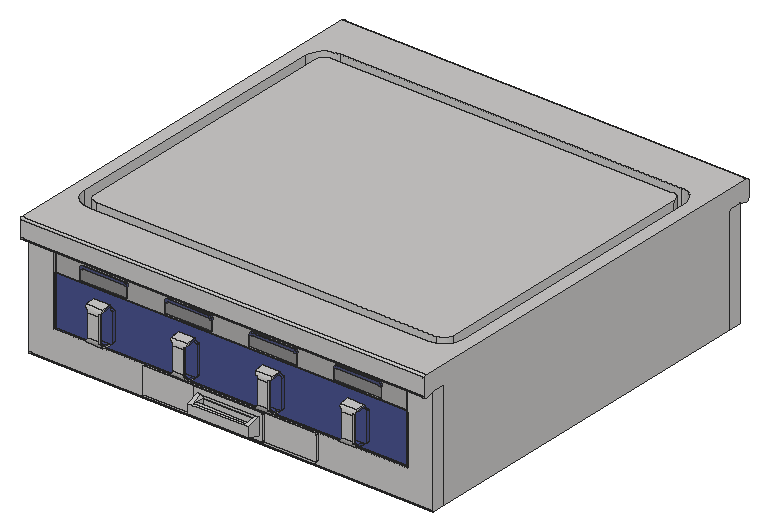
Revit family "QF_ELECTROLUXPROFESSIONAL_588324_MATCAAHOAO", category Specialty Equipment, Revit 2018
Family settings
  Round Connector Dimension = Use Diameter
  Part Type = Normal
  Work Plane-Based = No
  Always vertical = Yes
  Cut with Voids When Loaded = No
  Shared = No
  Room Calculation Point = No
Parameters
  Weight in Pounds = 253.532
  Watts = 12000 VA  # 12000 W
  Volts = 400 V  # constant formula
  URL Cutsheet = ""
  Type Mark [instance] = ""
  Status [instance] = ""
  Specification by User [instance] = ""
  Specification by Manufacturer = ""
  Show Clearance [instance] = yes
  Serial Number = ""
  Seismic Rating = ""
  SMACNA No = ""
  Revision Code [instance] = ""
  Phase = 3  # constant formula
  Omniclass Number and Title = ""
  Number of Poles [instance] = 1
  NAFEM Spec ID Number = ""
  Model = "588324"
  Min Ckt Ampacity = 0 A
  Max Overcurrent Protection = 0 A
  Masterspec = ""
  Manufacturer = "ELECTROLUX"
  Item Number [instance] = ""
  Installed By [instance] = ""
  Identify Quantity as Lot [instance] = yes
  HP = "16.1 HP"
  Furnished By [instance] = ""
  Foodservice Equipment Identifier [instance] = yes
  FL Amps [instance] = if(Phase = 3, Watts / (Volts * 1.73), Watts / Volts)  # 17.341 A
  Electrical Remarks = "400 V/3N ph/50/60 Hz"  # constant formula
  Electric Connection Type [instance] = ""
  Elec Conn RI Height [instance] = 0 mm
  Elec Conn Connection Height [instance] = 0 mm
  Direct Waste Size = 0"
  Description = "EL.FREE COOKING TOP,1-SIDE,800X800X250H"
  Cycle [instance] = if([60 Hertz Option], 60 Hz, 50 Hz)  # 60 Hz
  Conn Plug = ""
  Conn Conduit = yes
  CSI MasterFormat = ""
  CSI Master Format = ""
  Back Panel [instance] = yes
  Apparent Power [instance] = if(Phase = 3, Volts * FL Amps * 1.73, Volts * FL Amps)  # 12000 VA
  60 Hertz Option [instance] = not([50 Hertz Option])  # yes
  50 Hertz Option [instance] = no
Reference planes
  plane 1 "BACK": y = 0
  plane 2: z = 0
  plane 3 "LEFT": x = 0
  plane 4 "RIGHT": x = 800
  plane 5 "FRONT": y = -800
  plane 6 "TOP": z = 250
  plane 7: x = 400
  plane 8: y = -400
  plane 9: z = 582.185
  plane 10: y = -1230
  plane 11: x = 755
Forms (mm)
  Extrusion 1, solid, material "QF_Finishes_Stainless Steel"
    sketch origin (0, -487.128, 0) x (0, 1, 0) y (0, 0, 1)
      loop
        line (483.128, 250) -> (-308.872, 250)
        arc (-308.872, 250) -> (-311.7, 248.828) -> (-312.872, 246) r 4
        line (-312.872, 246) -> (-312.872, 214)
        arc (-312.872, 214) -> (-311.437, 210.931) -> (-308.161, 210.064) r 4
        line (-308.161, 210.064) -> (-292.872, 213) -> (-267.872, 213) -> (-267.872, 0) -> (441.128, 0) -> (441.128, 213) -> (465.765, 213) -> (482.433, 210.061)
        arc (482.433, 210.061) -> (485.699, 210.936) -> (487.128, 214) r 4
        line (487.128, 214) -> (487.128, 246)
        arc (487.128, 246) -> (485.956, 248.828) -> (483.128, 250) r 4
    from 0 to 800
  Extrusion 2, solid, material "QF_Finishes_Stainless Steel", visible <- "Back Panel"
    sketch origin (0, 0, 0) x (0, 1, 0) y (0, 0, 1)
      loop
        line (-46, 0) -> (-20, 0) -> (-20, 215)
        arc (-20, 215) -> (-20.586, 213.586) -> (-22, 213) r 2
        line (-22, 213) -> (-46, 213) -> (-46, 0)
    from 0 to 800
  Extrusion 3, void
    sketch origin (653.786, 44.048, 250) x (1, 0, 0) y (0, -1, 0)
      loop
        line (-590.636, 133.048) -> (83.064, 133.048)
        arc (83.064, 133.048) -> (110.04, 144.222) -> (121.214, 171.198) r 38.15
        line (121.214, 171.198) -> (121.214, 716.572)
        arc (121.214, 716.572) -> (109.944, 743.779) -> (82.737, 755.048) r 38.476
        line (82.737, 755.048) -> (-591.786, 755.048)
        arc (-591.786, 755.048) -> (-617.949, 744.211) -> (-628.786, 718.048) r 37
        line (-628.786, 718.048) -> (-628.786, 171.198)
        arc (-628.786, 171.198) -> (-617.613, 144.222) -> (-590.636, 133.048) r 38.15
    from 0 to 37
  Extrusion 4, solid, material "QF_Finishes_Stainless Steel"
    sketch origin (0, -655, 0) x (1, 0, 0) y (0, -1, 0)
      loop
        circle (755, -70) r 6.35
    from 0 to 3.2
  Extrusion 5, solid, material "QF_Door-Drawer Clearances", visible <- "Show Clearance", detail levels coarse
    sketch origin (437.31, -782.593, 8.62) x (0, 0, 1) y (-1, 0, 0)
      loop
        line (1.973, -134.295) -> (49.317, -134.295)
        arc (49.317, -134.295) -> (50.776, -133.691) -> (51.38, -132.232) r 2.063
        line (51.38, -132.232) -> (51.38, 206.852)
        arc (51.38, 206.852) -> (50.88, 208.549) -> (49.541, 209.705) r 3.133
        line (49.541, 209.705) -> (3.067, 209.705)
        arc (3.067, 209.705) -> (0.898, 208.807) -> (0, 206.638) r 3.067
        line (0, 206.638) -> (0, -132.322)
        arc (0, -132.322) -> (0.578, -133.717) -> (1.973, -134.295) r 1.973
    from 0 to 447.407
  Extrusion 6, solid, material "QF_Finishes_Stainless Steel"
    sketch origin (653.786, 44.048, 213) x (1, 0, 0) y (0, 1, 0)
      loop
        line (-608.786, -171.198) -> (-608.786, -716.898)
        arc (-608.786, -716.898) -> (-603.47, -729.732) -> (-590.636, -735.048) r 18.15
        line (-590.636, -735.048) -> (83.064, -735.048)
        arc (83.064, -735.048) -> (95.898, -729.732) -> (101.214, -716.898) r 18.15
        line (101.214, -716.898) -> (101.214, -171.198)
        arc (101.214, -171.198) -> (95.898, -158.364) -> (83.064, -153.048) r 18.15
        line (83.064, -153.048) -> (-590.636, -153.048)
        arc (-590.636, -153.048) -> (-603.47, -158.364) -> (-608.786, -171.198) r 18.15
    from 0 to 37
Cuts and joins
  Extrusion 3 cuts Extrusion 1
Lines and regions (mm)
  symbolic lines
    curve 1: line (25, -674, 0) -> (25, -127.15, 0)
    curve 2: arc (25, -127.15, 0) -> (36.174, -100.174, 0) -> (63.15, -89, 0) r 38.15
    curve 3: line (63.15, -89, 0) -> (736.85, -89, 0)
    curve 4: arc (736.85, -89, 0) -> (763.826, -100.174, 0) -> (775, -127.15, 0) r 38.15
    curve 5: line (775, -127.15, 0) -> (775, -672.524, 0)
    curve 6: arc (775, -672.524, 0) -> (763.731, -699.731, 0) -> (736.524, -711, 0) r 38.476
    curve 7: line (736.524, -711, 0) -> (62, -711, 0)
    curve 8: arc (62, -711, 0) -> (35.837, -700.163, 0) -> (25, -674, 0) r 37
    curve 9: line (0, 0, 0) -> (800, 0, 0)
    curve 10: line (0, -800, 0) -> (0, 0, 0)
    curve 11: line (800, -800, 0) -> (0, -800, 0)
    curve 12: line (800, 0, 0) -> (800, -800, 0)
  symbolic lines, style "QF_Door-Drawer Clearances"
    curve 13: line (571.605, -1230, 0) -> (571.605, -800, 0)
    curve 14: line (571.605, -1230, 0) -> (227.605, -1230, 0)
    curve 15: line (227.605, -1230, 0) -> (227.605, -800, 0)
  symbolic lines, style "SpecialityEquipment"
    curve 16: line (755, -672.85, 0) -> (755, -127.15, 0)
    curve 17: arc (755, -127.15, 0) -> (749.684, -114.316, 0) -> (736.85, -109, 0) r 18.15
    curve 18: line (736.85, -109, 0) -> (63.15, -109, 0)
    curve 19: arc (63.15, -109, 0) -> (50.316, -114.316, 0) -> (45, -127.15, 0) r 18.15
    curve 20: line (45, -127.15, 0) -> (45, -672.85, 0)
    curve 21: arc (45, -672.85, 0) -> (50.316, -685.684, 0) -> (63.15, -691, 0) r 18.15
    curve 22: line (63.15, -691, 0) -> (736.85, -691, 0)
    curve 23: arc (736.85, -691, 0) -> (749.684, -685.684, 0) -> (755, -672.85, 0) r 18.15
Dimensions and locks
  plane 3 "LEFT" to plane 4 "RIGHT" = 800 mm
  plane 5 "FRONT" to plane 1 "BACK" = 800 mm
  equal spacing: plane 3 "LEFT", plane 7, plane 4 "RIGHT"
  equal spacing: plane 5 "FRONT", plane 8, plane 1 "BACK"
  plane 6 "TOP" to level = 250 mm  (x2)
  plane 1 "BACK" to plane 5 "FRONT" = 800 mm
  Extrusion 4 sketch curve to plane 1 "BACK" = 585 mm
  Extrusion 4 sketch curve to plane 4 "RIGHT" = 45 mm
  plane 5 "FRONT" to plane 10 = 430 mm
  plane 1 "BACK" to Extrusion 4 = 585 mm
  locked: plane 11 to plane 4 "RIGHT" at 45
  aligned and locked: level to plane 2
  aligned and locked: plane 7 to nested 1
  aligned and locked: Extrusion 5 to plane 10
  aligned and locked: Extrusion 1 to plane 4 "RIGHT"
Automatic sketch dimensions
  Extrusion 2 sketch curve to Extrusion 2 sketch curve = 26 mm
  plane 1 "BACK" to Extrusion 2 sketch curve = 22 mm
  Extrusion 2 sketch curve to Extrusion 2 sketch curve = 2 mm
  level to Extrusion 2 sketch curve = 213 mm
  Extrusion 1 sketch curve to plane 5 "FRONT" = 0 mm
  Extrusion 1 sketch curve to plane 6 "TOP" = 0 mm
  Extrusion 1 sketch curve to level = 0 mm
  Extrusion 1 sketch curve to plane 1 "BACK" = 0 mm
  Extrusion 1 sketch curve to plane 6 "TOP" = 37 mm  (x2)
  Extrusion 1 sketch curve to plane 5 "FRONT" = 4 mm
  Extrusion 1 sketch curve to plane 5 "FRONT" = 20 mm
  Extrusion 1 sketch curve to plane 5 "FRONT" = 45 mm
  plane 1 "BACK" to Extrusion 1 sketch curve = 21.363 mm
  plane 1 "BACK" to Extrusion 1 sketch curve = 4 mm  (x2)
  Extrusion 1 sketch curve to Extrusion 1 sketch curve = 4 mm
  Extrusion 1 sketch curve to Extrusion 1 sketch curve = 0.711 mm
  plane 1 "BACK" to Extrusion 1 sketch curve = 4.695 mm
  Extrusion 1 sketch curve to Extrusion 1 sketch curve = 0 mm  (x2)
  Extrusion 1 sketch curve to Extrusion 1 sketch curve = 1 mm  (x2)
  plane 1 "BACK" to Extrusion 1 sketch curve = 46 mm
  Extrusion 5 sketch curve to nested 1 = 1.973 mm
  Extrusion 5 sketch curve to nested 1 = 2.853 mm
  Extrusion 5 sketch curve to nested 1 = 1.839 mm
  Extrusion 1 to Extrusion 3 sketch curve = 25 mm  (x2)
  Extrusion 1 to Extrusion 3 sketch curve = 85 mm
  Extrusion 3 sketch curve to Extrusion 3 sketch curve = 37 mm
  Extrusion 3 sketch curve to Extrusion 3 sketch curve = 38.15 mm
  Extrusion 1 to Extrusion 3 sketch curve = 63.476 mm
  Extrusion 1 to Extrusion 3 sketch curve = 63.15 mm
  Extrusion 1 to Extrusion 3 sketch curve = 123.15 mm
  Extrusion 6 sketch curve to Extrusion 3 = 20 mm  (x3)
  Extrusion 6 sketch curve to Extrusion 3 = 38.15 mm  (x5)
  curve 2 to curve 19 = 0 mm  (x2)
  curve 4 to curve 17 = 0 mm  (x2)
  curve 12 to plane 4 "RIGHT" = 0 mm
  curve 16 to plane 11 = 0 mm
  plane 10 to curve 13 = 0 mm
  curve 11 to plane 3 "LEFT" = 0 mm
  plane 1 "BACK" to curve 12 = 0 mm
  plane 5 "FRONT" to curve 11 = 0 mm
  curve 5 to plane 11 = 20 mm
  plane 11 to curve 18 = 18.15 mm
  plane 11 to curve 22 = 18.15 mm
  plane 11 to curve 7 = 18.476 mm
  plane 11 to curve 13 = 183.395 mm
  curve 15 to plane 7 = 172.395 mm
  plane 3 "LEFT" to curve 22 = 63.15 mm
  plane 3 "LEFT" to curve 18 = 63.15 mm
  curve 22 to curve 7 = 1.15 mm
  curve 8 to curve 20 = 17 mm
  plane 1 "BACK" to curve 3 = 89 mm
  curve 5 to plane 5 "FRONT" = 127.476 mm
  curve 20 to curve 8 = 1.15 mm
  Extrusion 2 sketch curve to level = 0 mm
  radius of Extrusion 4 sketch curve = 6.35 mm
  radius of Extrusion 5 sketch curve to nested 1 = 0 mm  (x2)
Nested families
  nested 1: "EG_800_1000_Four Front Panel with Center Grease Trap" at (202.376, -755, -650), type "EG_800_1000_Four Front Panel with Center Grease Trap"
Connectors
  electrical at (755, -585, -3.2), driven by "Volts", driven by "Watts"
    settings: on Extrusion 4, index 1, voltage 400 V, apparent load 12000 VA, apparent load phase1 0 VA, apparent load phase2 0 VA, apparent load phase3 0 VA, power factor 1, load classification "Other", number of poles 1, system type 30, power factor state 1, is connector primary yes, connector utility no, sub classification motor no, connector description "ELECTRICAL CONNECTION"
Definition of nested family "EG_800_1000_Four Front Panel with Center Grease Trap"
  Reference planes
    plane 1 "Center (Front/Back)": y = 0
    plane 2: z = 0
    plane 3 "Center (Left/Right)": x = 197.624
    plane 4: x = -202.376
    plane 5: x = 597.624
    plane 6: y = -45
  Forms (mm)
    Extrusion 1, solid
      sketch origin (833.217, 829.203, -1.25) x (0, 1, 0) y (0, 0, 1)
        loop
          arc (-854.203, 654.25) -> (-853.324, 652.129) -> (-851.203, 651.25) r 3
          line (-851.203, 651.25) -> (-829.203, 651.25) -> (-829.203, 864.25) -> (-854.203, 864.25) -> (-854.203, 654.25)
      from -1035.593 to -235.593
    Extrusion 2, void
      sketch origin (33.217, 829.203, -1.25) x (1, 0, 0) y (0, 0, 1)
        loop
          line (-185.593, 855.116) -> (-185.593, 713.116) -> (514.407, 713.116) -> (514.407, 855.116) -> (-185.593, 855.116)
      from 848.59 to 854.203
  Cuts and joins
    Extrusion 2 cuts Extrusion 1
  Dimensions and locks
    equal spacing: plane 5, plane 3 "Center (Left/Right)", plane 4
    plane 5 to plane 4 = 800 mm
    aligned and locked: cut or joined group of Extrusion 1, Extrusion 2 to plane 4
    aligned and locked: plane 5 to cut or joined group of Extrusion 1, Extrusion 2
    aligned and locked: plane 3 "Center (Left/Right)" to nested 2
    aligned and locked: cut or joined group of Extrusion 1, Extrusion 2 to nested 2
    aligned and locked: plane 3 "Center (Left/Right)" to nested 3
  Automatic sketch dimensions
    Extrusion 1 sketch curve to plane 1 "Center (Front/Back)" = 0 mm
    plane 1 "Center (Front/Back)" to Extrusion 1 sketch curve = 22 mm
    Extrusion 1 sketch curve to Extrusion 1 sketch curve = 3 mm
    level to Extrusion 1 sketch curve = 650 mm
    Extrusion 1 sketch curve to Extrusion 1 sketch curve = 210 mm
    plane 4 to Extrusion 2 sketch curve = 50 mm
    Extrusion 2 sketch curve to plane 5 = 50 mm
    level to Extrusion 2 sketch curve = 711.866 mm
    Extrusion 2 sketch curve to Extrusion 2 sketch curve = 142 mm
  Nested families
    nested 1: "Range Control Handle" at (-54.283, -28.137, -209.113) x (-1, 0, 0) z (0, 0, 1), type "Range Control Handle"
    nested 2: "glass conrol panel" at (197.624, 280.644, 2.752), type "glass conrol panel"
    nested 3: "grease trap door" at (265.223, -25, 0.608) x (-1, 0, 0) z (0, 0, 1), type "grease trap door"
    nested 4: "Range Control Handle" at (113.217, -28.137, -209.113) x (-1, 0, 0) z (0, 0, 1), type "Range Control Handle"
    nested 5: "Range Control Handle" at (280.717, -28.137, -209.113) x (-1, 0, 0) z (0, 0, 1), type "Range Control Handle"
    nested 6: "Range Control Handle" at (448.217, -28.137, -209.113) x (-1, 0, 0) z (0, 0, 1), type "Range Control Handle"
  Definition of nested family "Range Control Handle"
    Reference planes
      plane 1 "Center (Front/Back)": y = 0
      plane 2: z = 0
      plane 3 "Center (Left/Right)": x = 0
      plane 4: z = 971.092
      plane 5: y = -16.9
    Forms (mm)
      Extrusion 1, solid
        sketch origin (-746.28, 380.497, 208.931) x (-1, 0, 0) y (0, 0, 1)
          loop
            line (-770.101, 786.798) -> (-770.101, 731.649)
            arc (-770.101, 731.649) -> (-769.759, 730.563) -> (-768.855, 729.87) r 1.893
            line (-768.855, 729.87) -> (-763.474, 727.911) -> (-729.81, 727.911) -> (-724.428, 729.87)
            arc (-724.428, 729.87) -> (-723.525, 730.563) -> (-723.183, 731.649) r 1.893
            line (-723.183, 731.649) -> (-723.183, 786.798)
            arc (-723.183, 786.798) -> (-723.529, 787.894) -> (-724.44, 788.593) r 1.91
            line (-724.44, 788.593) -> (-729.683, 790.819) -> (-763.601, 790.819) -> (-768.844, 788.593)
            arc (-768.844, 788.593) -> (-769.755, 787.894) -> (-770.101, 786.798) r 1.91
        from -382.35 to -378.852
      Sweep 2, solid
        path origin (-746.788, 380.496, 208.091) x (0, -1, 0) y (0, 0, 1)
          loop
            line (379.775, 793.281) -> (395.661, 791.048)
            arc (395.661, 791.048) -> (397.781, 787.377) -> (398.517, 783.202) r 12.207
            line (398.517, 783.202) -> (398.517, 737.368)
            arc (398.517, 737.368) -> (397.781, 733.193) -> (395.661, 729.522) r 12.207
            line (395.661, 729.522) -> (379.775, 727.289)
        profile origin (-746.788, -7.222, 1000.256) x (0, -0.139173, 0.990268) y (-1, 0, 0)
          loop
            line (0.782, -763.123) -> (0.782, -730.907) -> (-1.322, -730.907) -> (-1.322, -763.123) -> (0.782, -763.123)
      Sweep 3, solid
        path origin (-746.788, 380.715, 207.832) x (0, -1, 0) y (0, 0, 1)
          loop
            line (380.478, 795.442) -> (397.218, 793.09)
            arc (397.218, 793.09) -> (399.929, 788.473) -> (400.871, 783.202) r 15.207
            line (400.871, 783.202) -> (400.871, 737.584)
            arc (400.871, 737.584) -> (399.914, 732.274) -> (397.164, 727.633) r 15.207
            line (397.164, 727.633) -> (380.601, 725.305)
        profile origin (-746.788, -8.132, 1002.099) x (0, -0.139173, 0.990268) y (-1, 0, 0)
          loop
            line (0.782, -763.123) -> (0.782, -730.907) -> (-1.322, -730.907) -> (-1.322, -763.123) -> (0.782, -763.123)
      Extrusion 4, void
        sketch origin (889.253, 220.666, 207.993) x (1, 0, 0) y (0, 0, 1)
          loop
            line (-943.038, 816.854) -> (-943.038, 703.686) -> (-899.466, 734.196) -> (-899.466, 786.344) -> (-943.038, 816.854)
        from 230.636 to 242.25
      Extrusion 5, void
        sketch origin (-888.8, 220.666, 207.993) x (-1, 0, 0) y (0, 0, -1)
          loop
            line (-943.038, -816.854) -> (-899.466, -786.344) -> (-899.466, -734.196) -> (-943.038, -703.686) -> (-943.038, -816.854)
        from 230.636 to 242.25
      Extrusion 6, solid
        sketch origin (0, 0, 0) x (1, 0, 0) y (0, 0, 1)
          loop
            circle (0, 971.092) r 7.736
        from -3.137 to -1.645
    Cuts and joins
      Extrusion 4, Extrusion 5 cuts Sweep 3
      Extrusion 4, Extrusion 5 cuts Sweep 2
      joined: Extrusion 1, Extrusion 6
    Lines and regions (mm)
      symbolic lines
        curve 1: line (16.334, -16.9, 0) -> (16.334, -19.227, 0)
        curve 2: spline (16.334, -19.227, 0) -> (15.87, -19.385, 0) -> (15.404, -19.536, 0) -> (14.936, -19.678, 0) -> (14.466, -19.813, 0) -> (13.995, -19.94, 0) -> (13.523, -20.059, 0) -> (13.049, -20.171, 0) -> (12.575, -20.274, 0) -> (12.099, -20.37, 0) -> (11.622, -20.458, 0) -> (11.144, -20.537, 0) -> (10.666, -20.609, 0)
        curve 3: line (10.666, -16.9, 0) -> (10.666, -20.938, 0)
        curve 4: line (-10.213, -20.938, 0) -> (10.666, -20.938, 0)
        curve 5: line (-10.213, -20.938, 0) -> (-10.213, -16.9, 0)
        curve 6: spline (-10.213, -20.609, 0) -> (-10.691, -20.537, 0) -> (-11.169, -20.458, 0) -> (-11.646, -20.37, 0) -> (-12.122, -20.274, 0) -> (-12.597, -20.171, 0) -> (-13.07, -20.059, 0) -> (-13.542, -19.94, 0) -> (-14.013, -19.813, 0) -> (-14.483, -19.678, 0) -> (-14.951, -19.536, 0) -> (-15.417, -19.385, 0) -> (-15.881, -19.227, 0)
        curve 7: line (-15.881, -19.227, 0) -> (-15.881, -16.9, 0)
  Definition of nested family "glass conrol panel"
    Reference planes
      plane 1 "Center (Front/Back)": y = 0
      plane 2: z = 0
      plane 3 "Center (Left/Right)": x = 0
    Forms (mm)
      Extrusion 1, solid
        sketch origin (378.286, 0, 0.617) x (1, 0, 0) y (0, 0, 1)
          loop
            line (-728.286, 806.791) -> (-728.286, 708.497) -> (-28.286, 708.497) -> (-28.286, 806.791) -> (-728.286, 806.791)
        from 300.031 to 304.8
      Extrusion 2, solid
        sketch origin (378.286, 0, 0.617) x (1, 0, 0) y (0, 0, 1)
          loop
            line (-728.286, 850.497) -> (-728.286, 806.791) -> (-28.286, 806.791) -> (-28.286, 850.497) -> (-728.286, 850.497)
        from 300.031 to 304.8
      Extrusion 3, void
        sketch origin (378.286, 0, 0.617) x (1, 0, 0) y (0, 0, 1)
          loop
            line (-725.628, 847.565) -> (-725.628, 710.699) -> (-31.196, 710.699) -> (-31.196, 847.565) -> (-725.628, 847.565)
        from 303.697 to 304.8
      Extrusion 4, solid
        sketch origin (-392.059, 1.101, -0.633) x (-1, 0, 0) y (0, 0, -1)
          loop
            line (-261.431, -812.62) -> (-355.186, -812.62) -> (-355.186, -834.177) -> (-350.269, -834.177) -> (-348.469, -835.977) -> (-268.039, -835.977) -> (-266.24, -834.177) -> (-261.431, -834.177) -> (-261.431, -812.62)
        from 304.798 to 306.745
      Extrusion 5, solid
        sketch origin (-392.059, 1.101, -0.633) x (-1, 0, 0) y (0, 0, -1)
          loop
            line (-350.269, -834.177) -> (-355.078, -834.177)
            arc (-355.078, -834.177) -> (-353.942, -838.747) -> (-349.686, -840.763) r 5.5
            line (-349.686, -840.763) -> (-266.98, -840.763)
            arc (-266.98, -840.763) -> (-262.706, -838.752) -> (-261.529, -834.177) r 5.549
            line (-261.529, -834.177) -> (-266.24, -834.177) -> (-268.039, -835.977) -> (-348.469, -835.977) -> (-350.269, -834.177)
        from 304.798 to 306.745
      Extrusion 6, solid
        sketch origin (392.059, 1.101, -0.633) x (1, 0, 0) y (0, 0, 1)
          loop
            line (-261.431, 812.62) -> (-261.431, 834.177) -> (-266.24, 834.177) -> (-268.039, 835.977) -> (-348.469, 835.977) -> (-350.269, 834.177) -> (-355.186, 834.177) -> (-355.186, 812.62) -> (-261.431, 812.62)
        from 304.798 to 306.745
      Extrusion 7, solid
        sketch origin (392.059, 1.101, -0.633) x (1, 0, 0) y (0, 0, 1)
          loop
            line (-350.269, 834.177) -> (-348.469, 835.977) -> (-268.039, 835.977) -> (-266.24, 834.177) -> (-261.529, 834.177)
            arc (-261.529, 834.177) -> (-262.706, 838.752) -> (-266.98, 840.763) r 5.549
            line (-266.98, 840.763) -> (-349.686, 840.763)
            arc (-349.686, 840.763) -> (-353.942, 838.747) -> (-355.078, 834.177) r 5.5
            line (-355.078, 834.177) -> (-350.269, 834.177)
        from 304.798 to 306.745
      Extrusion 8, solid
        sketch origin (-559.559, 1.101, -0.633) x (-1, 0, 0) y (0, 0, -1)
          loop
            line (-261.431, -812.62) -> (-355.186, -812.62) -> (-355.186, -834.177) -> (-350.269, -834.177) -> (-348.469, -835.977) -> (-268.039, -835.977) -> (-266.24, -834.177) -> (-261.431, -834.177) -> (-261.431, -812.62)
        from 304.798 to 306.745
      Extrusion 9, solid
        sketch origin (-559.559, 1.101, -0.633) x (-1, 0, 0) y (0, 0, -1)
          loop
            line (-350.269, -834.177) -> (-355.078, -834.177)
            arc (-355.078, -834.177) -> (-353.942, -838.747) -> (-349.686, -840.763) r 5.5
            line (-349.686, -840.763) -> (-266.98, -840.763)
            arc (-266.98, -840.763) -> (-262.706, -838.752) -> (-261.529, -834.177) r 5.549
            line (-261.529, -834.177) -> (-266.24, -834.177) -> (-268.039, -835.977) -> (-348.469, -835.977) -> (-350.269, -834.177)
        from 304.798 to 306.745
      Extrusion 10, solid
        sketch origin (559.559, 1.101, -0.633) x (1, 0, 0) y (0, 0, 1)
          loop
            line (-261.431, 812.62) -> (-261.431, 834.177) -> (-266.24, 834.177) -> (-268.039, 835.977) -> (-348.469, 835.977) -> (-350.269, 834.177) -> (-355.186, 834.177) -> (-355.186, 812.62) -> (-261.431, 812.62)
        from 304.798 to 306.745
      Extrusion 11, solid
        sketch origin (559.559, 1.101, -0.633) x (1, 0, 0) y (0, 0, 1)
          loop
            line (-350.269, 834.177) -> (-348.469, 835.977) -> (-268.039, 835.977) -> (-266.24, 834.177) -> (-261.529, 834.177)
            arc (-261.529, 834.177) -> (-262.706, 838.752) -> (-266.98, 840.763) r 5.549
            line (-266.98, 840.763) -> (-349.686, 840.763)
            arc (-349.686, 840.763) -> (-353.942, 838.747) -> (-355.078, 834.177) r 5.5
            line (-355.078, 834.177) -> (-350.269, 834.177)
        from 304.798 to 306.745
    Cuts and joins
      Extrusion 3 cuts Extrusion 1
      Extrusion 3 cuts Extrusion 2
    Dimensions and locks
      aligned and locked: Extrusion 1 to Extrusion 2
      aligned and locked: Extrusion 5 sketch curve to Extrusion 4  (x5)
      aligned and locked: Extrusion 5 to Extrusion 4
      aligned and locked: Extrusion 7 sketch curve to Extrusion 6  (x4)
      aligned and locked: Extrusion 6 to Extrusion 7 sketch curve
      aligned and locked: Extrusion 7 to Extrusion 6
      aligned and locked: Extrusion 9 sketch curve to Extrusion 8  (x5)
      aligned and locked: Extrusion 9 to Extrusion 8
      aligned and locked: Extrusion 11 sketch curve to Extrusion 10  (x4)
      aligned and locked: Extrusion 10 to Extrusion 11 sketch curve
      aligned and locked: Extrusion 11 to Extrusion 10
  Definition of nested family "grease trap door"
    Reference planes
      plane 1 "Center (Front/Back)": y = 0
      plane 2: z = 0
      plane 3 "Center (Left/Right)": x = 0
      plane 4: y = -20
    Forms (mm)
      Extrusion 1, solid
        sketch origin (1627.55, 854.203, -1.25) x (1, 0, 0) y (0, 0, 1)
          loop
            arc (-1627.55, 661.235) -> (-1626.972, 659.84) -> (-1625.577, 659.262) r 1.973
            line (-1625.577, 659.262) -> (-1494.325, 659.262)
            arc (-1494.325, 659.262) -> (-1492.156, 660.16) -> (-1491.258, 662.329) r 3.067
            line (-1491.258, 662.329) -> (-1491.258, 708.803)
            arc (-1491.258, 708.803) -> (-1492.414, 710.143) -> (-1494.111, 710.642) r 3.133
            line (-1494.111, 710.642) -> (-1625.486, 710.642)
            arc (-1625.486, 710.642) -> (-1626.945, 710.038) -> (-1627.55, 708.579) r 2.063
            line (-1627.55, 708.579) -> (-1627.55, 661.235)
        from 856.795 to 859.203
      Extrusion 2, solid
        sketch origin (445.874, 2476.61, 0) x (0, 1, 0) y (0, 0, 1)
          loop
            line (-2506.377, 675.273) -> (-2481.61, 667.505) -> (-2481.61, 700.995) -> (-2506.377, 693.227) -> (-2506.377, 675.273)
        from -437.68 to -317.68
      Extrusion 3, void
        sketch origin (1627.55, 854.203, -1.25) x (1, 0, 0) y (0, 0, 1)
          loop
            line (-1614.883, 703) -> (-1610.542, 695.433) -> (-1508.17, 695.433) -> (-1503.828, 703) -> (-1614.883, 703)
          loop
            line (-1614.883, 668) -> (-1502.669, 668) -> (-1507.01, 675.567) -> (-1610.542, 675.567) -> (-1614.883, 668)
        from 832.916 to 883.97
      Extrusion 4, void
        sketch origin (447.55, 854.203, -1.25) x (1, 0, 0) y (0, 0, 1)
          loop
            line (-430.542, 695.433) -> (-430.542, 675.567) -> (-328.17, 675.567) -> (-328.17, 695.433) -> (-430.542, 695.433)
        from 859.203 to 874.202
      Extrusion 5, solid
        sketch origin (1627.55, 854.203, -1.25) x (1, 0, 0) y (0, 0, 1)
          loop
            arc (-1731.556, 661.235) -> (-1730.978, 659.84) -> (-1729.583, 659.262) r 1.973
            line (-1729.583, 659.262) -> (-1390.623, 659.262)
            arc (-1390.623, 659.262) -> (-1388.454, 660.16) -> (-1387.556, 662.329) r 3.067
            line (-1387.556, 662.329) -> (-1387.556, 708.803)
            arc (-1387.556, 708.803) -> (-1388.712, 710.143) -> (-1390.409, 710.642) r 3.133
            line (-1390.409, 710.642) -> (-1729.493, 710.642)
            arc (-1729.493, 710.642) -> (-1730.952, 710.038) -> (-1731.556, 708.579) r 2.063
            line (-1731.556, 708.579) -> (-1731.556, 661.235)
        from 854.203 to 856.795
    Cuts and joins
      Extrusion 3 cuts Extrusion 1
      Extrusion 3, Extrusion 4 cuts Extrusion 2
      joined: Extrusion 1, Extrusion 2
    Lines and regions (mm)
      model lines
        curve 1: line (67.599, 0, 658.012) -> (67.599, 0, 709.392)
      symbolic lines
        curve 2: line (8.194, -20, 0) -> (8.194, -29.767, 0)
        curve 3: line (8.194, -29.767, 0) -> (128.194, -29.767, 0)
        curve 4: line (128.194, -29.767, 0) -> (128.194, -20, 0)
    Dimensions and locks
      aligned and locked: Extrusion 2 to Extrusion 1
      aligned and locked: Extrusion 3 to Extrusion 2
      aligned and locked: Extrusion 4 to Extrusion 1
